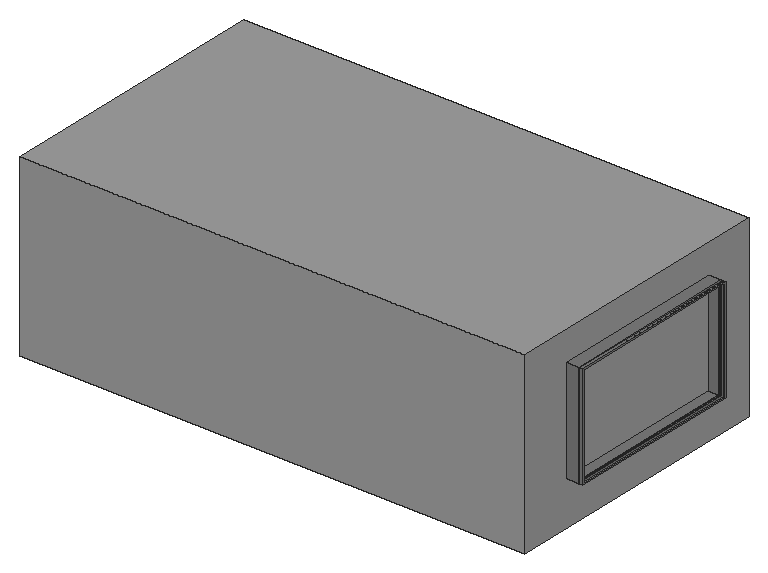
Revit family "BIMLIB_ПриточнаяУстановка_CAU-VIM4000-6000_SHUFT", category Оборудование, Revit 2017
Family settings
  Размер круглого соединителя = Использовать диаметр
  Тип детали = Нормальный
  На основе рабочей плоскости = Нет
  Всегда вертикально = Да
  При загрузке вырезать с полостями = Нет
  Общий = Нет
  Точка расчета площади = Нет
Parameters (values of type "CAU 6000/3-22,5/3 VIM")
  Повернуть УГО [instance] = yes
  Описание = "Вентиляционные установки серии CAU VIM предназначены для работы в помещениях малых и средних объемов: офисах, магазинах, квартирах и т. п.\r\nУстановки изготавливаются в компактном звуко- и теплоизолированном корпусе из оцинкованной стали (толщина изоляции 40 или 50 мм).\r\nУстановки серии CAU VIM можно устанавливать непосредственно в обслуживаемом помещении за подвесным потолком"  # constant formula
  Общая длина = ADSK_Размер_Длина + 2 * (Длина коннекторов)  # 1820 mm
  Изготовитель = "ООО «Завод ВКО» марка SHUFT"  # constant formula
  Длина коннекторов = 60 mm
  Watermark [instance] = "Модели защищены уникальным кодом"
  W2 = 600 mm
  SH_Мощность вентилятора = 3700 W
  H2 = 350 mm
  H = 328 mm
  URL = "http://www.shuft.ru/"
  BL_Разработано = "support@bimlib.pro"  # constant formula
  BL_Email = "bimmodels@rusklimat.ru"  # constant formula
  BL_BIM library = "https://bimlib.pro/manufacturer/company/23829"
  ADSK_Частота вращения вентилятора = 1320
  ADSK_Расход воздуха приточный [instance] = 0.0 L/s
  ADSK_Размер_Ширина = 940 mm
  ADSK_Размер_Длина = 1700 mm
  ADSK_Размер_Высота = 600 mm
  ADSK_Примечание [instance] = ""
  ADSK_Полная мощность = ADSK_Номинальная мощность / ADSK_Коэффициент мощности  # 22500 VA
  ADSK_Позиция = ""
  ADSK_Обозначение = ""
  ADSK_Номинальная мощность = 22500 W
  ADSK_Напряжение = 400 V
  ADSK_Наименование = "Приточная вентиляционная установка CAU 6000/3-22,5/3 VIM"
  ADSK_Материал = BIMLIB_Сталь_SHUFT
  ADSK_Масса_Текст = "175"
  ADSK_Масса = 175
  ADSK_Марка = ADSK_Код изделия  # "CAU 6000/3-22,5/3 VIM"
  ADSK_Коэффициент мощности = 1
  ADSK_Количество фаз = 3
  ADSK_Код изделия = "CAU 6000/3-22,5/3 VIM"
  ADSK_Классификация нагрузок = Прочее
  ADSK_Завод-изготовитель = Изготовитель  # "ООО «Завод ВКО» марка SHUFT"
  ADSK_Единица измерения = "шт."  # constant formula
  ADSK_Версия семейства = "v.1"  # constant formula
  ADSK_Версия Revit = "2017"  # constant formula
  ADSK_URL страницы изделия = "http://www.shuft.ru/catalog/2/205/3033/4046/"
  ADSK_URL документации изделия = "http://www.shuft.ru/upload/downloads/CAU_4000-6000-VIM.pdf"
Types (13, lengths in mm): name | Общая длина | W2 | SH_Мощность вентилятора | H2 | H | ADSK_Частота вращения вентилятора | ADSK_Размер_Ширина | ADSK_Размер_Длина | ADSK_Размер_Высота | ADSK_Полная мощность | ADSK_Номинальная мощность | ADSK_Наименование | ADSK_Масса_Текст | ADSK_Масса | ADSK_Марка | ADSK_Код изделия
  (no name) | 1820 | 600 | 3700 W | 350 | 328 | 1320 | 940 | 1700 | 600 | 22500 VA | 22500 W | "Приточная вентиляционная установка CAU 6000/3-22,5/3 VIM" | "175" | 175 | "CAU 6000/3-22,5/3 VIM" | "CAU 6000/3-22,5/3 VIM"
  CAU 4000/1-15,0/3 VIM | 1620 | 500 | 2500 W | 300 | 240 | 1340 | 840 | 1500 | 500 | 15000 VA | 15000 W | "Приточная вентиляционная установка CAU 4000/1-15,0/3 VIM" | "103" | 103 | "CAU 4000/1-15,0/3 VIM" | "CAU 4000/1-15,0/3 VIM"
  CAU 4000/3-15,0/3 VIM | 1620 | 500 | 2500 W | 300 | 240 | 1300 | 840 | 1500 | 500 | 15000 VA | 15000 W | "Приточная вентиляционная установка CAU 4000/3-15,0/3 VIM" | "103" | 103 | "CAU 4000/3-15,0/3 VIM" | "CAU 4000/3-15,0/3 VIM"
  CAU 4000/1-22,5/3 VIM | 1620 | 500 | 2500 W | 300 | 240 | 1340 | 840 | 1500 | 500 | 22500 VA | 22500 W | "Приточная вентиляционная установка CAU 4000/1-22,5/3 VIM" | "103" | 103 | "CAU 4000/1-22,5/3 VIM" | "CAU 4000/1-22,5/3 VIM"
  CAU 4000/3-22,5/3 VIM | 1620 | 500 | 2500 W | 300 | 240 | 1300 | 840 | 1500 | 500 | 22500 VA | 22500 W | "Приточная вентиляционная установка CAU 4000/3-22,5/3 VIM" | "103" | 103 | "CAU 4000/3-22,5/3 VIM" | "CAU 4000/3-22,5/3 VIM"
  CAU 4000/1-30,0/3 VIM | 1620 | 500 | 2500 W | 300 | 240 | 1340 | 840 | 1500 | 500 | 30000 VA | 30000 W | "Приточная вентиляционная установка CAU 4000/1-30,0/3 VIM" | "103" | 103 | "CAU 4000/1-30,0/3 VIM" | "CAU 4000/1-30,0/3 VIM"
  CAU 4000/3-30,0/3 VIM | 1620 | 500 | 2500 W | 300 | 240 | 1300 | 840 | 1500 | 500 | 30000 VA | 30000 W | "Приточная вентиляционная установка CAU 4000/3-30,0/3 VIM" | "103" | 103 | "CAU 4000/3-30,0/3 VIM" | "CAU 4000/3-30,0/3 VIM"
  CAU 4000/1-45,0/3 VIM | 1620 | 500 | 2500 W | 300 | 240 | 1340 | 840 | 1500 | 500 | 45000 VA | 45000 W | "Приточная вентиляционная установка CAU 4000/1-45,0/3 VIM" | "103" | 103 | "CAU 4000/1-45,0/3 VIM" | "CAU 4000/1-45,0/3 VIM"
  CAU 4000/3-45,0/3 VIM | 1620 | 500 | 2500 W | 300 | 240 | 1300 | 840 | 1500 | 500 | 45000 VA | 45000 W | "Приточная вентиляционная установка CAU 4000/3-45,0/3 VIM" | "103" | 103 | "CAU 4000/3-45,0/3 VIM" | "CAU 4000/3-45,0/3 VIM"
  CAU 6000/3-22,5/3 VIM | 1820 | 600 | 3700 W | 350 | 328 | 1320 | 940 | 1700 | 600 | 22500 VA | 22500 W | "Приточная вентиляционная установка CAU 6000/3-22,5/3 VIM" | "175" | 175 | "CAU 6000/3-22,5/3 VIM" | "CAU 6000/3-22,5/3 VIM"
  CAU 6000/3-30,0/3 VIM | 1820 | 600 | 3700 W | 350 | 328 | 1320 | 940 | 1700 | 600 | 30000 VA | 30000 W | "Приточная вентиляционная установка CAU 6000/3-30,0/3 VIM" | "175" | 175 | "CAU 6000/3-30,0/3 VIM" | "CAU 6000/3-30,0/3 VIM"
  CAU 6000/3-45,0/3 VIM | 1820 | 600 | 3700 W | 350 | 328 | 1320 | 940 | 1700 | 600 | 45000 VA | 45000 W | "Приточная вентиляционная установка CAU 6000/3-45,0/3 VIM" | "175" | 175 | "CAU 6000/3-45,0/3 VIM" | "CAU 6000/3-45,0/3 VIM"
  CAU 6000/3-60,0/3 VIM | 1820 | 600 | 3700 W | 350 | 328 | 1320 | 940 | 1700 | 600 | 60000 VA | 60000 W | "Приточная вентиляционная установка CAU 6000/3-60,0/3 VIM" | "175" | 175 | "CAU 6000/3-60,0/3 VIM" | "CAU 6000/3-60,0/3 VIM"
Reference planes
  plane 1 "По центру (Вперед/Назад)": y = 0
  plane 2: z = 0
  plane 3 "По центру (Влево/Вправо)": x = 0
  plane 4: x = 910
  plane 5: x = -910
  plane 6 "Перед": y = -470
  plane 7 "Зад": y = 470
  plane 8: z = 600
  plane 9 "Лево корпус": x = -850
  plane 10 "Право корпус": x = 850
  plane 11 "коннекторы": z = 328
  plane 12: z = 575
Forms (mm)
  Extrusion 1, solid, material "BIMLIB_Сталь_SHUFT" <- "ADSK_Материал", detail levels medium+fine
    sketch origin (0, 0, 0) x (1, 0, 0) y (0, 1, 0)
      loop
        line (-850, 470) -> (-850, -470) -> (850, -470) -> (850, 470) -> (-850, 470)
    from 0 to 600 <- "ADSK_Размер_Высота"
Lines and regions (mm)
  model lines, detail levels fine
    curve 1: line (-850, 470, 575) -> (850, 470, 575)
    curve 2: line (-850, -470, 575) -> (850, -470, 575)
    curve 3: line (-850, -470, 575) -> (-850, 470, 575)
    curve 4: line (850, -470, 575) -> (850, 470, 575)
Dimensions and locks
  equal spacing: plane 6 "Перед", plane 1 "По центру (Вперед/Назад)", plane 7 "Зад"
  equal spacing: plane 5, plane 3 "По центру (Влево/Вправо)", plane 4
  "ADSK_Размер_Высота": plane 8 to level
  "ADSK_Размер_Ширина": plane 6 "Перед" to plane 7 "Зад"
  "Длина коннекторов": plane 5 to plane 9 "Лево корпус"
  "Длина коннекторов": plane 10 "Право корпус" to plane 4
  "H": plane 11 "коннекторы" to level
  locked: plane 8 to plane 12 at 25
  "ADSK_Размер_Длина": plane 9 "Лево корпус" to plane 10 "Право корпус"
  aligned and locked: level to plane 2
  aligned and locked: Extrusion 1 sketch curve to plane 9 "Лево корпус"
  aligned and locked: Extrusion 1 sketch curve to plane 7 "Зад"
  aligned and locked: Extrusion 1 sketch curve to plane 10 "Право корпус"
  aligned and locked: Extrusion 1 sketch curve to plane 6 "Перед"
  aligned and locked: plane 1 "По центру (Вперед/Назад)" to nested 1
  aligned and locked: plane 3 "По центру (Влево/Вправо)" to nested 1
  aligned and locked: nested 3 to plane 1 "По центру (Вперед/Назад)"
  aligned and locked: plane 1 "По центру (Вперед/Назад)" to nested 2
  aligned and locked: nested 2 to plane 10 "Право корпус"
  aligned and locked: nested 3 to plane 9 "Лево корпус"
Automatic sketch dimensions
  curve 1 to plane 9 "Лево корпус" = 0 mm
  plane 10 "Право корпус" to curve 1 = 0 mm
  curve 1 to plane 12 = 0 mm
  plane 10 "Право корпус" to curve 2 = 0 mm
  curve 2 to plane 9 "Лево корпус" = 0 mm
  curve 2 to plane 12 = 0 mm
  curve 3 to plane 6 "Перед" = 0 mm
  curve 3 to plane 7 "Зад" = 0 mm
  curve 3 to plane 12 = 0 mm
  curve 4 to plane 6 "Перед" = 0 mm
  curve 4 to plane 7 "Зад" = 0 mm
  curve 4 to plane 12 = 0 mm
Nested families
  nested 1: "BIMLIB_УГО_SHUFT" at (0, 0, 0), Высота УГО 3д План <- "H", Высота <- "ADSK_Размер_Высота", Длина <- "Общая длина", Ширина <- "ADSK_Размер_Ширина", УГО сверху <- "Повернуть УГО", type "BIMLIB_УГО_SHUFT", detail levels coarse
    with Ширина/4 235 mm, Ширина 940 mm, УГО спереди no, УГО сверху yes, Длина 1820 mm, Высота/4 150 mm, Высота УГО 3д План 328 mm, Высота 600 mm
  nested 2: "BIMLIB_Подключение_Прямоуольное_SHUFT" at (850, 0, 328), L <- "Длина коннекторов", H <- "H2", W <- "W2", type "BIMLIB_Подключение_Прямоуольное_SHUFT", detail levels medium+fine
    with Материал BIMLIB_Сталь_Патрубки_SHUFT, W 600 mm, L 60 mm, H 350 mm
  nested 3: "BIMLIB_Подключение_Прямоуольное_SHUFT" at (-850, 0, 328) x (-1, 0, 0) z (0, 0, 1), L <- "Длина коннекторов", H <- "H2", W <- "W2", type "BIMLIB_Подключение_Прямоуольное_SHUFT", detail levels medium+fine
    with Материал BIMLIB_Сталь_Патрубки_SHUFT, W 600 mm, L 60 mm, H 350 mm
Connectors
  electrical at (0, 0, 600), driven by "ADSK_Количество фаз", driven by "ADSK_Классификация нагрузок", driven by "ADSK_Напряжение", driven by "ADSK_Полная мощность", driven by "ADSK_Коэффициент мощности"
    settings: on Extrusion 1, index 3, voltage 400 V, apparent load 22500 VA, apparent load phase1 0 VA, apparent load phase2 0 VA, apparent load phase3 0 VA, power factor 1, load classification "Прочее", number of poles 3, system type 30, power factor state 1, is connector primary yes, connector utility no, sub classification motor no, connector description "Электрический соединитель"
  hvac at (-910, 0, 328), driven by "H2", driven by "W2", driven by "ADSK_Расход воздуха приточный"
    settings: on nested 3, index 9, duct flow 0.0 L/s, flow factor 0, pres drop 0.0 Pa, loss coef 0, conn angle 0.00°, conn width 600 mm, conn height 350 mm, conn diameter 609.6 mm, duct sys type 1, conn prof type 1, flow config 0, flow direction 1, loss method 0, conn ref index 10, conn util no, is conn primary yes, conn desc "Наружный воздух"
  hvac at (910, 0, 328), driven by "H2", driven by "W2", driven by "ADSK_Расход воздуха приточный"
    settings: on nested 2, index 10, duct flow 0.0 L/s, flow factor 0, pres drop 0.0 Pa, loss coef 0, conn angle 0.00°, conn width 600 mm, conn height 350 mm, conn diameter 609.6 mm, duct sys type 1, conn prof type 1, flow config 0, flow direction 2, loss method 0, conn ref index 9, conn util no, is conn primary no, conn desc "Приточный воздух"
Definition of nested family "BIMLIB_Подключение_Прямоуольное_SHUFT"
  Parameters (values of type "BIMLIB_Подключение_Прямоуольное_SHUFT")
    Default Elevation = 1219.2 mm
    Материал [instance] = none
    L [instance] = 50 mm
    W [instance] = 300 mm
    H [instance] = 257.261 mm
  Reference planes
    plane 1 "По центру (Вперед/Назад)": y = 0
    plane 2: z = 0
    plane 3 "По центру (Влево/Вправо)": x = 0
    plane 4: y = 150
    plane 5: y = -150
    plane 6: x = 50
    plane 7: z = 128.63
    plane 8: z = -128.63
  Forms (mm)
    Sweep 1, solid, material <- "Материал"
      path origin (0, 0, 0) x (0, 1, 0) y (0, 0, 1)
        loop
          line (-150, 128.63) -> (-150, -128.63) -> (150, -128.63) -> (150, 128.63) -> (-150, 128.63)
      profile origin (0, 0, 128.63) x (0, 0, 1) y (1, 0, 0)
        loop
          line (-2, 50) -> (-2, 42) -> (-7, 42) -> (-7, 33) -> (-2, 33) -> (-2, 0) -> (0, 0) -> (0, 35) -> (-5, 35) -> (-5, 40) -> (0, 40) -> (0, 50) -> (-2, 50)
  Dimensions and locks
    equal spacing: plane 4, plane 1 "По центру (Вперед/Назад)", plane 5
    "W": plane 4 to plane 5
    "L": plane 3 "По центру (Влево/Вправо)" to plane 6
    equal spacing: plane 7, level, plane 8
    "H": plane 7 to plane 8
    locked: Sweep 1 sketch curve to plane 6 at 10
    locked: plane 6 to Sweep 1 sketch curve at 15
    aligned and locked: level to plane 2
    aligned and locked: Sweep 1 sketch curve to plane 7
    aligned and locked: Sweep 1 sketch curve to plane 8
    aligned and locked: Sweep 1 sketch curve to plane 4
    aligned and locked: Sweep 1 sketch curve to plane 5
    aligned and locked: Sweep 1 sketch curve to profile plane  (x3)
  Automatic sketch dimensions
    Sweep 1 sketch curve to Sweep 1 sketch curve = 2 mm  (x5)
    Sweep 1 sketch curve to Sweep 1 sketch curve = 3 mm
    Sweep 1 sketch curve to Sweep 1 sketch curve = 8 mm
Definition of nested family "BIMLIB_УГО_SHUFT"
  Parameters (values of type "BIMLIB_УГО_SHUFT")
    Ширина/4 [instance] = Ширина / 4  # 105 mm
    Ширина [instance] = 420 mm
    УГО спереди [instance] = not(УГО сверху)  # no
    УГО сверху [instance] = yes
    Высота/4 [instance] = Высота / 4  # 63 mm
    Длина [instance] = 810 mm
    Высота УГО 3д План [instance] = 126 mm
    Высота [instance] = 252 mm
  Reference planes
    plane 1 "По центру (Вперед/Назад)": y = 0
    plane 2: z = 0
    plane 3 "По центру (Влево/Вправо)": x = 0
    plane 4: x = -405
    plane 5: x = 405
    plane 6: y = 210
    plane 7: y = -210
    plane 8: z = 126
    plane 9 "УГО 3Д": z = 252
    plane 10: x = -270
    plane 11: x = -135
    plane 12: z = 189
    plane 13: z = 63
    plane 14: x = 63
    plane 15: x = 105
    plane 16: y = 105
    plane 17: y = -105
    plane 18 "УГО": z = 126
  Lines and regions (mm)
    model lines, visible <- "УГО спереди", detail levels coarse
      curve 1: line (-405, 0, 252) -> (-405, 0, 0)
      curve 2: line (-405, 0, 0) -> (405, 0, 0)
      curve 3: line (405, 0, 0) -> (405, 0, 252)
      curve 4: line (405, 0, 252) -> (-405, 0, 252)
      curve 5: line (-270, 0, 252) -> (-270, 0, 0)
      curve 6: line (-135, 0, 252) -> (-135, 0, 0)
      curve 7: line (0, 0, 189) -> (0, 0, 63)
      curve 8: line (0, 0, 63) -> (63, 0, 126)
      curve 9: line (63, 0, 126) -> (0, 0, 189)
    model lines, visible <- "УГО сверху", detail levels coarse
      curve 10: line (-405, 210, 126) -> (-405, -210, 126)
      curve 11: line (-405, -210, 126) -> (405, -210, 126)
      curve 12: line (405, -210, 126) -> (405, 210, 126)
      curve 13: line (405, 210, 126) -> (-405, 210, 126)
      curve 14: line (-270, 210, 126) -> (-270, -210, 126)
      curve 15: line (-135, 210, 126) -> (-135, -210, 126)
      curve 16: line (0, 105, 126) -> (105, 0, 126)
      curve 17: line (105, 0, 126) -> (0, -105, 126)
      curve 18: line (0, -105, 126) -> (0, 105, 126)
    symbolic lines, detail levels coarse
      curve 19: line (-405, 0, 252) -> (-405, 0, 0)
      curve 20: line (-405, 0, 0) -> (405, 0, 0)
      curve 21: line (405, 0, 0) -> (405, 0, 252)
      curve 22: line (405, 0, 252) -> (-405, 0, 252)
      curve 23: line (-270, 0, 252) -> (-270, 0, 0)
      curve 24: line (-135, 0, 0) -> (-135, 0, 252)
      curve 25: line (0, 0, 189) -> (63, 0, 126)
      curve 26: line (63, 0, 126) -> (0, 0, 63)
      curve 27: line (0, 0, 63) -> (0, 0, 189)
      curve 28: line (-405, 210, 0) -> (-405, -210, 0)
      curve 29: line (-405, -210, 0) -> (405, -210, 0)
      curve 30: line (405, -210, 0) -> (405, 210, 0)
      curve 31: line (405, 210, 0) -> (-405, 210, 0)
      curve 32: line (-270, 210, 0) -> (-270, -210, 0)
      curve 33: line (-135, -210, 0) -> (-135, 210, 0)
      curve 34: line (0, 105, 0) -> (105, 0, 0)
      curve 35: line (105, 0, 0) -> (0, -105, 0)
      curve 36: line (0, -105, 0) -> (0, 105, 0)
  Dimensions and locks
    equal spacing: plane 4, plane 3 "По центру (Влево/Вправо)", plane 5
    "Длина": plane 4 to plane 5
    "Ширина": plane 7 to plane 6
    equal spacing: plane 4, plane 10, plane 11, plane 3 "По центру (Влево/Вправо)"
    "Высота": plane 9 "УГО 3Д" to level
    equal spacing: plane 9 "УГО 3Д", plane 12, plane 8, plane 13, level
    "Высота/4": plane 14 to plane 3 "По центру (Влево/Вправо)"
    equal spacing: plane 6, plane 16, plane 1 "По центру (Вперед/Назад)", plane 17, plane 7
    "Ширина/4": plane 15 to plane 3 "По центру (Влево/Вправо)"
    "Ширина/4": plane 3 "По центру (Влево/Вправо)" to plane 15
    "Высота УГО 3д План": plane 18 "УГО" to level
    aligned and locked: level to plane 2
  Automatic sketch dimensions
    curve 12 to plane 5 = 0 mm
    plane 1 "По центру (Вперед/Назад)" to curve 16 = 0 mm
    curve 16 to plane 15 = 0 mm
    curve 18 to plane 3 "По центру (Влево/Вправо)" = 0 mm
    curve 15 to plane 11 = 0 mm
    curve 14 to plane 10 = 0 mm
    curve 11 to plane 4 = 0 mm
    curve 13 to plane 6 = 0 mm
    curve 18 to plane 16 = 0 mm
    plane 7 to curve 12 = 0 mm
    curve 1 to plane 4 = 0 mm
    curve 5 to plane 9 "УГО 3Д" = 0 mm
    curve 5 to plane 10 = 0 mm
    curve 23 to level = 0 mm
    curve 23 to plane 10 = 0 mm
    curve 6 to plane 11 = 0 mm
    curve 24 to plane 11 = 0 mm
    curve 9 to plane 3 "По центру (Влево/Вправо)" = 0 mm
    curve 8 to plane 8 = 0 mm
    curve 8 to plane 14 = 0 mm
    curve 20 to plane 5 = 0 mm
    curve 27 to plane 12 = 0 mm
    curve 28 to plane 4 = 0 mm
    curve 32 to plane 6 = 0 mm
    curve 32 to plane 10 = 0 mm
    plane 7 to curve 33 = 0 mm
    curve 33 to plane 11 = 0 mm
    curve 34 to plane 3 "По центру (Влево/Вправо)" = 0 mm
    plane 1 "По центру (Вперед/Назад)" to curve 34 = 0 mm
    curve 30 to plane 5 = 0 mm
    curve 36 to plane 17 = 0 mm
    curve 36 to plane 16 = 0 mm
